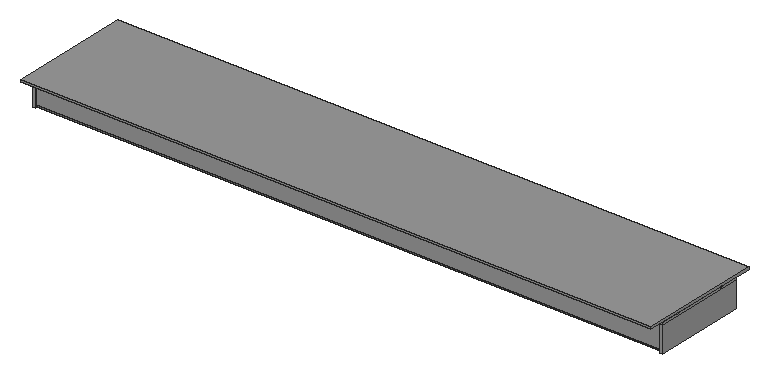
Revit family "Berica 2.2 M", category Lighting Fixtures, Revit 2020 (continued)
Definition of nested family "Light Source Berica 2.2"
  Types (4, lengths in mm): name | Photometric Web File | built-in parameter 1150142
      2.91 \r\n4.03 5.46 6.83 8.50 10.01 11.80 13.79 16.80 20.49 24.48 \r\n28.31 32.83 39.80 50.99 62.08 75.64 94.62 113.79 136.88 \r\n160.99 185.80 211.07 233.69 254.66 277.33 308.16 339.94 \r\n369.98 398.93 426.38 453.65 482.34 509.91 541.82 571.14 \r\n603.80 636.42 671.28 706.25 742.00 780.92 819.81 857.36 \r\n895.49 934.49 972.37 1013.03 1050.30 1086.02 1125.54 \r\n1162.46 1198.18 1233.21 1266.74 1301.11 1332.04 1364.54 \r\n1395.65 1424.40 1453.22 1479.61 1504.73 1529.79 1554.83 \r\n1578.21 1602.15 1620.98 1640.57 1657.68 1677.48 1692.53 \r\n1706.91 1719.81 1731.26 1742.47 1752.84 1761.80 1769.85 \r\n1777.04 1782.90 1787.85 1792.60 1796.12 \r\n1796.12 1792.12 1786.26 1780.08 1773.01 1764.19 1754.28 \r\n1743.55 1731.25 1718.25 1703.33 1687.66 1668.95 1651.52 \r\n1628.70 1606.32 1583.35 1558.66 1530.74 1506.11 1477.67 \r\n1449.41 1418.69 1386.36 1356.94 1318.71 1287.15 1247.90 \r\n1211.13 1170.68 1135.08 1096.70 1057.17 1015.75 975.25 \r\n935.81 894.37 855.07 818.94 778.75 743.65 706.55 670.67 \r\n638.03 603.45 570.93 540.30 509.61 481.18 447.14 412.01 \r\n376.43 341.46 315.34 291.41 268.75 243.25 212.94 184.04 \r\n157.03 130.85 110.32 89.80 70.47 58.67 47.01 34.43 27.14 \r\n23.60 20.41 16.84 13.43 9.93 7.02 6.05 5.26 4.61 3.92 \r\n3.30 2.68 2.18 1.64 1.20 0.82 0.56 0.34 0.24 0.20 0.20 \r\n0.20 0.20 0.20 0.20 0.20 0.24 0.34 0.56 0.82 1.20 1.64 \r\n2.18 2.68 3.30 3.92 4.61 5.26 6.05 7.02 9.93 13.43 16.84 \r\n20.41 23.60 27.14 34.43 47.01 58.67 70.47 89.80 110.32 \r\n130.85 157.03 184.04 212.94 243.25 268.75 291.41 315.34 \r\n341.46 376.43 412.01 447.14 481.18 509.61 540.30 570.93 \r\n603.45 638.03 670.67 706.55 743.65 778.75 818.94 855.07 \r\n894.37 935.81 975.25 1015.75 1057.17 1096.70 1135.08 \r\n1170.68 1211.13 1247.90 1287.15 1318.71 1356.94 1386.36 \r\n1418.69 1449.41 1477.67 1506.11 1530.74 1558.66 1583.35 \r\n1606.32 1628.70 1651.52 1668.95 1687.66 1703.33 1718.25 \r\n1731.25 1743.55 1754.28 1764.19 1773.01 1780.08 1786.26 \r\n1792.12 1796.12 \r\n1796.12 1791.11 1784.43 1776.39 1767.45 1757.47 1745.42 \r\n1733.25 1717.93 1703.57 1684.01 1664.91 1642.56 1620.92 \r\n1594.47 1568.82 1541.65 1513.27 1483.99 1452.56 1421.37 \r\n1385.68 1353.40 1316.64 1280.58 1237.99 1199.77 1158.50 \r\n1117.18 1075.66 1034.00 992.71 949.70 910.08 865.77 \r\n827.11 784.59 748.42 708.65 675.62 640.29 606.71 574.44 \r\n540.45 504.73 463.08 421.18 384.43 355.89 330.44 307.89 \r\n280.12 247.03 214.62 187.63 160.90 137.13 117.09 95.43 \r\n74.77 63.42 50.89 36.81 26.52 22.79 19.88 16.84 13.74 \r\n10.54 7.03 3.75 2.76 2.42 2.17 1.92 1.70 1.47 1.25 1.05 \r\n0.86 0.69 0.52 0.38 0.27 0.20 0.17 0.16 0.16 0.16 0.16 \r\n0.16 0.16 0.16 0.16 0.16 0.17 0.20 0.27 0.38 0.52 0.69 \r\n0.86 1.05 1.25 1.47 1.70 1.92 2.17 2.42 2.76 3.75 7.03 \r\n10.54 13.74 16.84 19.88 22.79 26.52 36.81 50.89 63.42 \r\n74.77 95.43 117.09 137.13 160.90 187.63 214.62 247.03 \r\n280.12 307.89 330.44 355.89 384.43 421.18 463.08 504.73 \r\n540.45 574.44 606.71 640.29 675.62 708.65 748.42 784.59 \r\n827.11 865.77 910.08 949.70 992.71 1034.00 1075.66 \r\n1117.18 1158.50 1199.77 1237.99 1280.58 1316.64 1353.40 \r\n1385.68 1421.37 1452.56 1483.99 1513.27 1541.65 1568.82 \r\n1594.47 1620.92 1642.56 1664.91 1684.01 1703.57 1717.93 \r\n1733.25 1745.42 1757.47 1767.45 1776.39 1784.43 1791.11 \r\n1796.12 \r\n1796.12 1790.84 1782.96 1773.58 1761.75 1751.03 1737.48 \r\n1723.71 1706.02 1686.52 1664.67 1641.53 1615.50 1590.27 \r\n1560.14 1532.42 1500.66 1468.63 1433.64 1399.64 1360.80 \r\n1323.87 1284.20 1242.16 1200.02 1155.72 1113.29 1068.47 \r\n1024.16 981.05 933.96 892.90 849.23 806.26 765.00 725.33 \r\n687.83 651.49 615.55 581.68 539.15 495.60 448.06 408.26 \r\n378.66 349.71 327.17 298.28 260.89 226.74 198.50 172.27 \r\n148.02 127.38 108.86 87.61 72.51 61.92 49.29 34.31 25.73 \r\n22.83 20.01 17.05 13.88 10.73 7.38 3.47 1.39 1.19 1.06 \r\n0.96 0.86 0.77 0.68 0.58 0.50 0.41 0.33 0.26 0.20 0.16 \r\n0.14 0.14 0.13 0.13 0.13 0.13 0.13 0.13 0.13 0.13 0.13 \r\n0.13 0.13 0.13 0.13 0.14 0.14 0.16 0.20 0.26 0.33 0.41 \r\n0.50 0.58 0.68 0.77 0.86 0.96 1.06 1.19 1.39 3.47 7.38 \r\n10.73 13.88 17.05 20.01 22.83 25.73 34.31 49.29 61.92 \r\n72.51 87.61 108.86 127.38 148.02 172.27 198.50 226.74 \r\n260.89 298.28 327.17 349.71 378.66 408.26 448.06 495.60 \r\n539.15 581.68 615.55 651.49 687.83 725.33 765.00 806.26 \r\n849.23 892.90 933.96 981.05 1024.16 1068.47 1113.29 \r\n1155.72 1200.02 1242.16 1284.20 1323.87 1360.80 1399.64 \r\n1433.64 1468.63 1500.66 1532.42 1560.14 1590.27 1615.50 \r\n1641.53 1664.67 1686.52 1706.02 1723.71 1737.48 1751.03 \r\n1761.75 1773.58 1782.96 1790.84 1796.12 \r\n1796.12 1789.46 1781.30 1770.38 1757.76 1744.27 1730.85 \r\n1713.49 1692.51 1670.64 1644.22 1618.45 1590.07 1561.33 \r\n1526.56 1494.59 1457.48 1422.72 1384.98 1342.22 1301.74 \r\n1258.93 1216.14 1168.05 1123.56 1077.33 1029.11 980.61 \r\n934.23 889.28 845.65 801.45 759.52 717.25 676.78 637.20 \r\n601.57 557.99 506.80 456.09 412.73 383.83 353.97 330.50 \r\n295.09 253.21 221.31 192.04 167.94 143.91 126.73 107.93 \r\n85.74 72.64 63.04 50.10 36.84 27.38 24.45 21.71 18.59 \r\n15.82 12.37 9.25 5.24 1.64 0.49 0.39 0.33 0.29 0.26 0.24 \r\n0.21 0.19 0.17 0.15 0.14 0.13 0.12 0.12 0.12 0.11 0.11 \r\n0.11 0.11 0.11 0.11 0.10 0.10 0.10 0.10 0.10 0.10 0.10 \r\n0.11 0.11 0.11 0.11 0.11 0.11 0.12 0.12 0.12 0.13 0.14 \r\n0.15 0.17 0.19 0.21 0.24 0.26 0.29 0.33 0.39 0.49 1.64 \r\n5.24 9.25 12.37 15.82 18.59 21.71 24.45 27.38 36.84 50.10 \r\n63.04 72.64 85.74 107.93 126.73 143.91 167.94 192.04 \r\n221.31 253.21 295.09 330.50 353.97 383.83 412.73 456.09 \r\n506.80 557.99 601.57 637.20 676.78 717.25 759.52 801.45 \r\n845.65 889.28 934.23 980.61 1029.11 1077.33 1123.56 \r\n1168.05 1216.14 1258.93 1301.74 1342.22 1384.98 1422.72 \r\n1457.48 1494.59 1526.56 1561.33 1590.07 1618.45 1644.22 \r\n1670.64 1692.51 1713.49 1730.85 1744.27 1757.76 1770.38 \r\n1781.30 1789.46 1796.12 \r\n1796.12 1788.73 1780.24 1767.55 1753.33 1738.68 1722.49 \r\n1701.37 1677.98 1651.49 1625.00 1594.31 1562.53 1530.52 \r\n1493.98 1458.57 1416.16 1376.88 1332.24 1288.48 1241.84 \r\n1195.97 1147.06 1100.46 1048.12 1000.96 948.08 902.12 \r\n852.12 806.31 766.73 721.29 680.60 638.03 594.73 539.25 \r\n486.10 436.75 398.80 370.02 343.40 312.01 264.83 230.30 \r\n198.85 171.36 148.39 131.15 112.81 93.70 76.78 67.25 \r\n55.93 42.62 30.56 26.64 24.02 21.15 18.30 15.14 11.99 \r\n8.46 4.66 0.94 0.25 0.18 0.14 0.13 0.12 0.12 0.12 0.12 \r\n0.11 0.11 0.11 0.11 0.10 0.10 0.10 0.10 0.10 0.09 0.09 \r\n0.09 0.09 0.09 0.09 0.09 0.09 0.08 0.08 0.08 0.09 0.09 \r\n0.09 0.09 0.09 0.09 0.09 0.09 0.10 0.10 0.10 0.10 0.10 \r\n0.11 0.11 0.11 0.11 0.12 0.12 0.12 0.12 0.13 0.14 0.18 \r\n0.25 0.94 4.66 8.46 11.99 15.14 18.30 21.15 24.02 26.64 \r\n30.56 42.62 55.93 67.25 76.78 93.70 112.81 131.15 148.39 \r\n171.36 198.85 230.30 264.83 312.01 343.40 370.02 398.80 \r\n436.75 486.10 539.25 594.73 638.03 680.60 721.29 766.73 \r\n806.31 852.12 902.12 948.08 1000.96 1048.12 1100.46 \r\n1147.06 1195.97 1241.84 1288.48 1332.24 1376.88 1416.16 \r\n1458.57 1493.98 1530.52 1562.53 1594.31 1625.00 1651.49 \r\n1677.98 1701.37 1722.49 1738.68 1753.33 1767.55 1780.24 \r\n1788.73 1796.12 \r\n1796.12 1788.37 1777.78 1763.93 1750.22 1734.02 1714.69 \r\n1691.88 1664.14 1636.84 1604.26 1572.86 1537.67 1503.02 \r\n1460.47 1419.35 1376.80 1331.88 1283.48 1236.19 1189.09 \r\n1134.02 1088.13 1031.58 982.05 929.58 880.06 829.58 \r\n782.69 739.65 694.57 650.48 602.69 549.19 482.68 434.55 \r\n398.05 369.32 340.08 299.22 250.57 219.13 187.91 162.35 \r\n141.49 123.98 106.08 85.32 73.39 64.05 53.41 40.39 30.16 \r\n26.57 24.12 21.15 18.35 15.38 12.06 8.63 4.81 1.47 0.25 \r\n0.17 0.13 0.11 0.10 0.10 0.10 0.09 0.09 0.09 0.09 0.08 \r\n0.08 0.08 0.08 0.08 0.08 0.07 0.07 0.07 0.07 0.07 0.07 \r\n0.07 0.07 0.07 0.07 0.07 0.07 0.07 0.07 0.07 0.07 0.07 \r\n0.07 0.07 0.07 0.07 0.07 0.07 0.08 0.08 0.08 0.08 0.08 \r\n0.08 0.09 0.09 0.09 0.09 0.10 0.10 0.10 0.11 0.13 0.17 \r\n0.25 1.47 4.81 8.63 12.06 15.38 18.35 21.15 24.12 26.57 \r\n30.16 40.39 53.41 64.05 73.39 85.32 106.08 123.98 141.49 \r\n162.35 187.91 219.13 250.57 299.22 340.08 369.32 398.05 \r\n434.55 482.68 549.19 602.69 650.48 694.57 739.65 782.69 \r\n829.58 880.06 929.58 982.05 1031.58 1088.13 1134.02 \r\n1189.09 1236.19 1283.48 1331.88 1376.80 1419.35 1460.47 \r\n1503.02 1537.67 1572.86 1604.26 1636.84 1664.14 1691.88 \r\n1714.69 1734.02 1750.22 1763.93 1777.78 1788.37 1796.12 \r\n1796.12 1787.68 1777.27 1761.37 1746.13 1728.65 1705.53 \r\n1682.06 1651.09 1621.00 1587.98 1552.91 1514.44 1473.30 \r\n1429.64 1383.92 1339.22 1287.37 1242.43 1187.27 1137.27 \r\n1080.22 1028.34 975.63 919.63 869.94 818.41 769.45 723.66 \r\n677.88 626.83 569.26 506.37 448.94 408.84 376.21 347.67 \r\n304.43 253.06 221.14 189.24 162.52 140.69 124.43 105.94 \r\n86.38 72.65 64.18 54.71 41.77 31.29 27.45 25.00 22.01 \r\n19.20 16.25 13.05 9.75 6.00 2.62 0.33 0.18 0.13 0.10 0.09 \r\n0.09 0.08 0.08 0.08 0.08 0.08 0.07 0.07 0.07 0.07 0.07 \r\n0.07 0.06 0.06 0.06 0.06 0.06 0.06 0.06 0.06 0.06 0.06 \r\n0.06 0.06 0.06 0.06 0.06 0.06 0.06 0.06 0.06 0.06 0.06 \r\n0.06 0.06 0.06 0.06 0.06 0.06 0.07 0.07 0.07 0.07 0.07 \r\n0.07 0.08 0.08 0.08 0.08 0.08 0.09 0.09 0.10 0.13 0.18 \r\n0.33 2.62 6.00 9.75 13.05 16.25 19.20 22.01 25.00 27.45 \r\n31.29 41.77 54.71 64.18 72.65 86.38 105.94 124.43 140.69 \r\n162.52 189.24 221.14 253.06 304.43 347.67 376.21 408.84 \r\n448.94 506.37 569.26 626.83 677.88 723.66 769.45 818.41 \r\n869.94 919.63 975.63 1028.34 1080.22 1137.27 1187.27 \r\n1242.43 1287.37 1339.22 1383.92 1429.64 1473.30 1514.44 \r\n1552.91 1587.98 1621.00 1651.09 1682.06 1705.53 1728.65 \r\n1746.13 1761.37 1777.27 1787.68 1796.12 \r\n1796.12 1787.58 1776.30 1760.72 1743.24 1723.94 1700.81 \r\n1670.31 1639.30 1608.45 1572.19 1534.81 1492.26 1447.96 \r\n1404.25 1351.04 1304.79 1250.37 1199.72 1143.41 1086.74 \r\n1032.62 978.12 924.51 870.00 818.02 766.47 717.80 667.97 \r\n616.01 550.74 485.61 431.71 395.34 363.83 330.92 275.74 \r\n232.64 201.09 170.47 147.95 128.71 113.61 92.17 76.25 \r\n66.70 57.15 47.23 34.77 29.27 26.41 23.70 20.67 17.98 \r\n14.75 11.52 7.91 4.29 1.37 0.22 0.14 0.11 0.08 0.08 0.08 \r\n0.07 0.07 0.07 0.07 0.07 0.07 0.07 0.07 0.06 0.06 0.06 \r\n0.06 0.06 0.06 0.06 0.06 0.06 0.06 0.06 0.06 0.06 0.06 \r\n0.06 0.06 0.06 0.06 0.06 0.06 0.06 0.06 0.06 0.06 0.06 \r\n0.06 0.06 0.06 0.06 0.06 0.06 0.06 0.06 0.06 0.06 0.07 \r\n0.07 0.07 0.07 0.07 0.07 0.07 0.07 0.08 0.08 0.08 0.11 \r\n0.14 0.22 1.37 4.29 7.91 11.52 14.75 17.98 20.67 23.70 \r\n26.41 29.27 34.77 47.23 57.15 66.70 76.25 92.17 113.61 \r\n128.71 147.95 170.47 201.09 232.64 275.74 330.92 363.83 \r\n395.34 431.71 485.61 550.74 616.01 667.97 717.80 766.47 \r\n818.02 870.00 924.51 978.12 1032.62 1086.74 1143.41 \r\n1199.72 1250.37 1304.79 1351.04 1404.25 1447.96 1492.26 \r\n1534.81 1572.19 1608.45 1639.30 1670.31 1700.81 1723.94 \r\n1743.24 1760.72 1776.30 1787.58 1796.12 \r\n1796.12 1786.85 1774.27 1757.87 1740.60 1717.49 1692.35 \r\n1663.36 1627.68 1593.76 1555.73 1518.59 1472.78 1427.58 \r\n1377.24 1325.26 1270.14 1216.67 1162.10 1103.58 1047.00 \r\n988.10 936.40 878.16 825.05 773.40 722.94 669.29 614.68 \r\n543.69 477.79 425.80 391.37 360.43 320.34 262.86 222.79 \r\n188.79 161.48 139.11 122.59 106.99 85.20 72.04 63.26 \r\n53.22 43.41 32.18 28.48 25.87 23.14 20.17 17.41 14.13 \r\n10.79 7.26 3.39 0.90 0.17 0.12 0.09 0.07 0.07 0.07 0.07 \r\n0.07 0.06 0.06 0.06 0.06 0.06 0.06 0.06 0.06 0.07 0.07 \r\n0.07 0.07 0.07 0.07 0.07 0.07 0.07 0.07 0.08 0.08 0.08 \r\n0.08 0.08 0.08 0.08 0.08 0.08 0.08 0.08 0.08 0.08 0.07 \r\n0.07 0.07 0.07 0.07 0.07 0.07 0.07 0.07 0.07 0.06 0.06 \r\n0.06 0.06 0.06 0.06 0.06 0.06 0.07 0.07 0.07 0.07 0.07 \r\n0.09 0.12 0.17 0.90 3.39 7.26 10.79 14.13 17.41 20.17 \r\n23.14 25.87 28.48 32.18 43.41 53.22 63.26 72.04 85.20 \r\n106.99 122.59 139.11 161.48 188.79 222.79 262.86 320.34 \r\n360.43 391.37 425.80 477.79 543.69 614.68 669.29 722.94 \r\n773.40 825.05 878.16 936.40 988.10 1047.00 1103.58 \r\n1162.10 1216.67 1270.14 1325.26 1377.24 1427.58 1472.78 \r\n1518.59 1555.73 1593.76 1627.68 1663.36 1692.35 1717.49 \r\n1740.60 1757.87 1774.27 1786.85 1796.12 \r\n1796.12 1786.79 1773.85 1757.03 1737.30 1715.75 1684.87 \r\n1657.05 1620.24 1584.70 1544.20 1501.78 1458.31 1407.15 \r\n1355.71 1303.54 1246.79 1188.76 1131.95 1070.79 1015.36 \r\n954.29 900.83 843.80 788.47 738.23 685.05 627.75 556.56 \r\n486.05 432.00 394.75 361.93 323.33 261.49 220.62 187.47 \r\n160.50 136.97 120.92 104.63 84.12 71.38 61.93 53.19 41.80 \r\n32.51 28.70 25.97 23.21 20.28 17.40 14.19 10.79 7.35 3.53 \r\n1.07 0.15 0.11 0.08 0.07 0.06 0.06 0.06 0.06 0.06 0.06 \r\n0.06 0.06 0.06 0.07 0.07 0.07 0.07 0.08 0.08 0.08 0.09 \r\n0.09 0.09 0.10 0.10 0.11 0.11 0.12 0.12 0.12 0.12 0.13 \r\n0.13 0.13 0.13 0.13 0.12 0.12 0.12 0.12 0.11 0.11 0.10 \r\n0.10 0.09 0.09 0.09 0.08 0.08 0.08 0.07 0.07 0.07 0.07 \r\n0.06 0.06 0.06 0.06 0.06 0.06 0.06 0.06 0.06 0.07 0.08 \r\n0.11 0.15 1.07 3.53 7.35 10.79 14.19 17.40 20.28 23.21 \r\n25.97 28.70 32.51 41.80 53.19 61.93 71.38 84.12 104.63 \r\n120.92 136.97 160.50 187.47 220.62 261.49 323.33 361.93 \r\n394.75 432.00 486.05 556.56 627.75 685.05 738.23 788.47 \r\n843.80 900.83 954.29 1015.36 1070.79 1131.95 1188.76 \r\n1246.79 1303.54 1355.71 1407.15 1458.31 1501.78 1544.20 \r\n1584.70 1620.24 1657.05 1684.87 1715.75 1737.30 1757.03 \r\n1773.85 1786.79 1796.12 \r\n1796.12 1786.11 1772.26 1755.21 1735.54 1712.28 1682.27 \r\n1649.36 1611.30 1576.65 1532.74 1491.32 1446.22 1394.39 \r\n1339.52 1284.05 1229.72 1165.40 1109.60 1049.79 986.60 \r\n930.65 872.03 816.88 762.63 708.31 654.12 582.62 511.26 \r\n447.49 405.78 373.15 336.21 277.28 227.81 196.26 164.69 \r\n141.09 122.62 107.50 87.07 72.71 63.97 54.33 44.44 33.64 \r\n29.42 26.40 24.01 21.08 18.12 15.05 11.56 8.21 4.40 1.60 \r\n0.18 0.11 0.09 0.07 0.06 0.06 0.06 0.06 0.06 0.06 0.06 \r\n0.06 0.07 0.07 0.07 0.08 0.08 0.09 0.10 0.10 0.11 0.12 \r\n0.14 0.15 0.16 0.17 0.18 0.19 0.20 0.21 0.22 0.23 0.23 \r\n0.23 0.23 0.23 0.23 0.23 0.22 0.21 0.20 0.19 0.18 0.17 \r\n0.16 0.15 0.14 0.12 0.11 0.10 0.10 0.09 0.08 0.08 0.07 \r\n0.07 0.07 0.06 0.06 0.06 0.06 0.06 0.06 0.06 0.06 0.07 \r\n0.09 0.11 0.18 1.60 4.40 8.21 11.56 15.05 18.12 21.08 \r\n24.01 26.40 29.42 33.64 44.44 54.33 63.97 72.71 87.07 \r\n107.50 122.62 141.09 164.69 196.26 227.81 277.28 336.21 \r\n373.15 405.78 447.49 511.26 582.62 654.12 708.31 762.63 \r\n816.88 872.03 930.65 986.60 1049.79 1109.60 1165.40 \r\n1229.72 1284.05 1339.52 1394.39 1446.22 1491.32 1532.74 \r\n1576.65 1611.30 1649.36 1682.27 1712.28 1735.54 1755.21 \r\n1772.26 1786.11 1796.12 \r\n1796.12 1786.50 1772.68 1754.25 1734.55 1710.69 1678.81 \r\n1646.78 1609.06 1572.10 1529.88 1481.34 1436.03 1381.27 \r\n1329.32 1272.12 1212.57 1154.24 1091.43 1032.92 973.99 \r\n913.36 852.52 797.19 741.10 689.80 628.52 558.14 479.23 \r\n425.87 390.08 355.92 313.18 249.58 209.05 177.77 150.47 \r\n129.17 113.86 97.06 78.35 66.75 57.93 48.44 38.08 30.70 \r\n27.74 25.14 22.27 19.44 16.56 13.17 9.81 6.27 2.55 0.61 \r\n0.13 0.10 0.08 0.07 0.06 0.06 0.06 0.07 0.07 0.07 0.07 \r\n0.07 0.08 0.08 0.09 0.10 0.11 0.12 0.14 0.15 0.17 0.19 \r\n0.20 0.22 0.23 0.25 0.26 0.28 0.29 0.30 0.30 0.31 0.31 \r\n0.32 0.32 0.32 0.31 0.31 0.30 0.30 0.29 0.28 0.26 0.25 \r\n0.23 0.22 0.20 0.19 0.17 0.15 0.14 0.12 0.11 0.10 0.09 \r\n0.08 0.08 0.07 0.07 0.07 0.07 0.07 0.06 0.06 0.06 0.07 \r\n0.08 0.10 0.13 0.61 2.55 6.27 9.81 13.17 16.56 19.44 \r\n22.27 25.14 27.74 30.70 38.08 48.44 57.93 66.75 78.35 \r\n97.06 113.86 129.17 150.47 177.77 209.05 249.58 313.18 \r\n355.92 390.08 425.87 479.23 558.14 628.52 689.80 741.10 \r\n797.19 852.52 913.36 973.99 1032.92 1091.43 1154.24 \r\n1212.57 1272.12 1329.32 1381.27 1436.03 1481.34 1529.88 \r\n1572.10 1609.06 1646.78 1678.81 1710.69 1734.55 1754.25 \r\n1772.68 1786.50 1796.12 \r\n1796.12 1785.76 1773.49 1754.32 1734.49 1709.56 1677.73 \r\n1643.44 1607.57 1568.27 1525.35 1480.58 1429.06 1381.69 \r\n1317.44 1265.90 1205.54 1143.43 1080.30 1021.67 962.06 \r\n901.29 844.17 786.42 732.60 673.97 613.49 537.27 463.58 \r\n415.00 378.65 344.95 292.38 236.51 198.19 168.70 142.82 \r\n124.02 108.76 90.28 72.97 64.03 54.69 45.42 34.76 29.57 \r\n26.67 24.18 21.44 18.41 15.41 12.10 8.64 5.00 1.90 0.21 \r\n0.12 0.10 0.08 0.07 0.07 0.07 0.07 0.07 0.07 0.08 0.08 \r\n0.09 0.09 0.10 0.11 0.13 0.15 0.17 0.19 0.20 0.22 0.24 \r\n0.25 0.27 0.28 0.29 0.30 0.31 0.32 0.32 0.32 0.32 0.33 \r\n0.33 0.33 0.33 0.33 0.32 0.32 0.32 0.32 0.31 0.30 0.29 \r\n0.28 0.27 0.25 0.24 0.22 0.20 0.19 0.17 0.15 0.13 0.11 \r\n0.10 0.09 0.09 0.08 0.08 0.07 0.07 0.07 0.07 0.07 0.07 \r\n0.08 0.10 0.12 0.21 1.90 5.00 8.64 12.10 15.41 18.41 \r\n21.44 24.18 26.67 
      29.57 34.76 45.42 54.69 64.03 72.97 \r\n90.28 108.76 124.02 142.82 168.70 198.19 236.51 292.38 \r\n344.95 378.65 415.00 463.58 537.27 613.49 673.97 732.60 \r\n786.42 844.17 901.29 962.06 1021.67 1080.30 1143.43 \r\n1205.54 1265.90 1317.44 1381.69 1429.06 1480.58 1525.35 \r\n1568.27 1607.57 1643.44 1677.73 1709.56 1734.49 1754.32 \r\n1773.49 1785.76 1796.12 \r\n1796.12 1786.35 1769.99 1752.78 1729.20 1704.84 1671.74 \r\n1637.86 1598.77 1557.98 1513.80 1469.15 1415.88 1363.73 \r\n1299.13 1245.07 1190.02 1121.43 1062.67 999.68 941.93 \r\n881.17 822.54 766.03 713.82 651.53 589.59 502.93 443.52 \r\n399.52 365.42 329.66 264.45 221.39 186.71 156.95 134.21 \r\n117.87 101.80 82.65 68.46 60.18 50.50 41.31 32.00 28.31 \r\n25.59 22.98 20.06 17.12 14.28 10.59 7.14 3.37 0.90 0.14 \r\n0.12 0.10 0.09 0.09 0.09 0.09 0.09 0.09 0.10 0.10 0.11 \r\n0.12 0.14 0.16 0.19 0.23 0.27 0.30 0.31 0.32 0.33 0.34 \r\n0.35 0.35 0.36 0.37 0.37 0.37 0.37 0.37 0.36 0.36 0.36 \r\n0.36 0.36 0.36 0.36 0.36 0.36 0.37 0.37 0.37 0.37 0.37 \r\n0.36 0.35 0.35 0.34 0.33 0.32 0.31 0.30 0.27 0.23 0.19 \r\n0.16 0.14 0.12 0.11 0.10 0.10 0.09 0.09 0.09 0.09 0.09 \r\n0.09 0.10 0.12 0.14 0.90 3.37 7.14 10.59 14.28 17.12 \r\n20.06 22.98 25.59 28.31 32.00 41.31 50.50 60.18 68.46 \r\n82.65 101.80 117.87 134.21 156.95 186.71 221.39 264.45 \r\n329.66 365.42 399.52 443.52 502.93 589.59 651.53 713.82 \r\n766.03 822.54 881.17 941.93 999.68 1062.67 1121.43 \r\n1190.02 1245.07 1299.13 1363.73 1415.88 1469.15 1513.80 \r\n1557.98 1598.77 1637.86 1671.74 1704.84 1729.20 1752.78 \r\n1769.99 1786.35 1796.12 \r\n"
